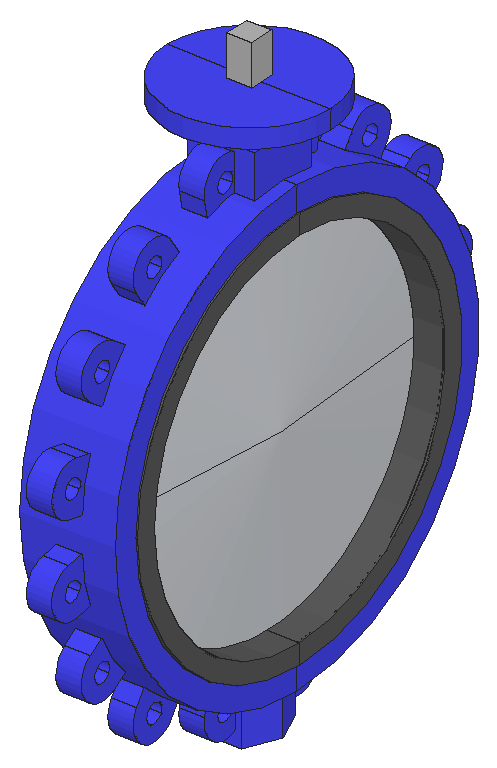
Revit family "931-20-001 DN400", category Pipe Accessories, Revit 2022
Family settings
  Round Connector Dimension = Use Diameter
  Part Type = Valve - Breaks Into
  Work Plane-Based = No
  Always vertical = Yes
  Cut with Voids When Loaded = No
  Shared = No
Parameters (values of type "DN400_PN10")
  wafer_fillet = wafer / 2  # 56.25 mm
  wafer_dim2 = size_lookup(Search_table, "wafer_dim2", 0 mm, DN)  # 112.5 mm
  wafer_dim1 = size_lookup(Search_table, "wafer_dim1", 0 mm, DN)  # 24.5 mm
  wafer_F = size_lookup(Search_table, "wafer_F", 0 mm, DN)  # 40 mm
  wafer = Actuator_Flange_R * 1.5  # 112.5 mm
  support = size_lookup(Search_table, "support", 0 mm, DN)  # 292 mm
  rubber = (D - Bore_R) / 2  # 21 mm
  hole1 = G / 2  # 13.5 mm
  disk22 = disk * 1.3  # 19.5 mm
  disk2 = size_lookup(Search_table, "disk2", 0 mm, DN)  # 390 mm
  disk11 = disk1 * 1.3  # 35.1 mm
  disk1 = size_lookup(Search_table, "disk1", 0 mm, DN)  # 27 mm
  disk = size_lookup(Search_table, "disk", 0 mm, DN)  # 15 mm
  base_dis = D * 1.18  # 285.56 mm
  base1 = C / 5  # 20.4 mm
  base = C * 0.7 / 2  # 35.7 mm
  URL_product_pages = "https://www.avkvalves.com/P.aspx?no=93108020020040200000"
  Slot_dim = size_lookup(Search_table, "Slot_dim", 0 mm, DN) / 2  # 27.5 mm
  Search_table = "931-20-001 DN400"
  PCD_R = size_lookup(Search_table, "PCD_R", 0 mm, DN)  # 257.5 mm
  Hole1 = size_lookup(Search_table, "Hole1", 0 mm, DN)  # 21 mm
  Hole = G * 1.1  # 29.7 mm
  H = size_lookup(Search_table, "H", 0 mm, DN) / 2  # 87.5 mm
  G = size_lookup(Search_table, "G", 0 mm, DN)  # 27 mm
  Flange_T = size_lookup(Search_table, "Flange_T", 0 mm, DN)  # 24.5 mm
  Flange_R = size_lookup(Search_table, "Flange_R", 0 mm, DN)  # 228 mm
  F = size_lookup(Search_table, "F", 0 mm, DN)  # 43 mm
  E = size_lookup(Search_table, "E", 0 mm, DN)  # 328 mm
  Description_ = "AVK BUTTERFLY VALVE, LUG, PN10/16"
  Default Elevation = 0 mm
  DN400_PN16 = "931-400-20-020020200000"
  DN400_PN10 = "931-400-20-010020200000"
  DN = 400 mm
  DISK = 0 mm
  D = size_lookup(Search_table, "D", 0 mm, DN) / 2  # 242 mm
  C = size_lookup(Search_table, "C", 0 mm, DN)  # 102 mm
  Bore_R = size_lookup(Search_table, "Bore_R", 0 mm, DN)  # 200 mm
  Body_thickness = B1 * 1.05  # 205.8 mm
  Body_dim1 = C * 0.7  # 71.4 mm
  Body_dim = Actuator_Flange_R * 0.5  # 37.5 mm
  Body_Thickness = size_lookup(Search_table, "Body_Thickness", 0 mm, DN)  # 2 mm
  B1 = B + 1 mm  # 196 mm
  B = size_lookup(Search_table, "B", 0 mm, DN) / 2  # 195 mm
  Actuator_Flange_R = size_lookup(Search_table, "Actuator_Flange_R", 0 mm, DN) / 2  # 75 mm
  Actuator_FL_T = size_lookup(Search_table, "Actuator_FL_T", 0 mm, DN)  # 20 mm
  2 = 3 mm  # constant formula
  1 = 1 mm  # constant formula
Types (3, lengths in mm): name | wafer_dim1 | disk22 | disk | PCD_R | Flange_T | Flange_R | DN
  (no name) | 24.5 | 19.5 | 15 | 257.5 | 24.5 | 228 | 400
  DN400_PN10 | 24.5 | 19.5 | 15 | 257.5 | 24.5 | 228 | 400
  DN400_PN16 | 28 | 20.8 | 16 | 262.5 | 28 | 230 | 400.1
Reference planes
  plane 1 "Center (Front/Back)": y = 0
  plane 2: z = 0
  plane 3 "Center (Left/Right)": x = 0
  plane 4: z = 227.5
  plane 5: x = -51
  plane 6: x = 51
  plane 7: z = 195
  plane 8: z = 328
  plane 9: z = 371
  plane 10: x = -13.5
  plane 11: x = 13.5
  plane 12: z = -97.5
  plane 13: z = 97.5
  plane 14: y = 13.5
  plane 15: y = -13.5
  plane 16: y = 13.5
  plane 17: y = -13.5
  plane 18: x = -35.7
  plane 19: x = 35.7
  plane 20: y = 37.5
  plane 21: y = -37.5
  plane 22: z = 308
  plane 23: z = 242
  plane 24: z = 197
  plane 25: z = 308
  plane 26: x = -54
  plane 27: x = 54
  plane 28: x = -87.5
  plane 29: x = 87.5
  plane 30: z = 195
  plane 31: z = -195
  plane 32: z = -195
  plane 33: z = 195
  plane 34: x = -13.5
  plane 35: x = 13.5
  plane 36: y = 35.7
  plane 37: y = -35.7
  plane 38: x = -12.469
  plane 39: x = 12.469
  plane 40: z = 242
  plane 41: z = -242
  plane 42: through (0, 0, 0) normal (0, 0.1908, 0.9816)
  plane 43: through (0, 0, 0) normal (0, -0.1908, 0.9816)
  plane 44: through (0, 0, 0) normal (0, 0.9816, 0.1908)
  plane 45: through (0, 0, 0) normal (0, 0.9816, -0.1908)
  plane 46: through (0, 0, 0) normal (0, 0.5592, 0.829)
  plane 47: through (0, 0, 0) normal (0, 0.829, 0.5592)
  plane 48: through (0, 0, 0) normal (0, 0.829, -0.5592)
  plane 49: through (0, 0, 0) normal (0, 0.5592, -0.829)
Forms (mm)
  Revolve 1, solid, material "Default Roof"
    sketch origin (0, 0, 0) x (1, 0, 0) y (0, 0, 1)
      loop
        line (-51, 196) -> (51, 196) -> (51, 242) -> (-51, 242) -> (-51, 196)
      axis (-51, 0) -> (51, 0)
    angle from 0 to 360
  Revolve 2, solid, material "Default Roof"
    sketch origin (0, 0, 0) x (1, 0, 0) y (0, 0, 1)
      loop
        line (0, 328) -> (0, 308) -> (87.5, 308) -> (87.5, 328) -> (0, 328)
      axis (0, 328) -> (0, 308)
    angle from 0 to 360
  Extrusion 3, solid, material "Default Wall"
    sketch origin (0, 0, 0) x (1, 0, 0) y (0, 0, 1)
      loop
        line (-13.5, 371) -> (-13.5, 328) -> (13.5, 328) -> (13.5, 371) -> (-13.5, 371)
    from -13.5 to 13.5
  Extrusion 4, solid, material "Default Roof"
    sketch origin (0, 0, 0) x (1, 0, 0) y (0, 0, 1)
      loop
        line (-35.7, 308) -> (-35.7, 195) -> (35.7, 195) -> (35.7, 308) -> (-35.7, 308)
    from -37.5 to 37.5
  Extrusion 5, void
    sketch origin (0, 0, 0) x (0, 1, 0) y (0, 0, 1)
      loop
        line (37.5, 308) -> (13, 308) -> (13, 283.5) -> (37.5, 283.5) -> (37.5, 308)
      loop
        line (-13, 308) -> (-37.5, 308) -> (-37.5, 283.5) -> (-13, 283.5) -> (-13, 308)
    from 24 to 51
  Extrusion 6, void
    sketch origin (0, 0, 0) x (0, 1, 0) y (0, 0, 1)
      loop
        line (13, 283.5) -> (37.5, 283.5) -> (37.5, 308) -> (13, 308) -> (13, 283.5)
      loop
        line (-13, 308) -> (-37.5, 308) -> (-37.5, 283.5) -> (-13, 283.5) -> (-13, 308)
    from -51 to -24
  Revolve 7, solid, material "Default"
    sketch origin (0, 0, 0) x (1, 0, 0) y (0, 0, 1)
      loop
        line (-54, 216) -> (-54, 195) -> (54, 195) -> (54, 216) -> (51, 216) -> (51, 196) -> (-51, 196) -> (-51, 216) -> (-54, 216)
      axis (-54, 0) -> (54, 0)
    angle from 0 to 360
  Extrusion 8, solid, material "Default Roof"
    sketch origin (0, 0, 0) x (1, 0, 0) y (0, 1, 0)
      loop
        line (-35.7, 0) -> (-20.4, -35.7) -> (20.4, -35.7) -> (35.7, 0) -> (20.4, 35.7) -> (-20.4, 35.7) -> (-35.7, 0)
    from -292 to -198
  Revolve 9, solid
    sketch origin (0, 0, 0) x (1, 0, 0) y (0, 1, 0)
      loop
        line (-35.1, 0) -> (35.1, 0)
        arc (35.1, 0) -> (31.282, 97.819) -> (19.5, 195) r 1199.351
        line (19.5, 195) -> (-19.5, 195)
        arc (-19.5, 195) -> (-31.282, 97.819) -> (-35.1, 0) r 1199.351
      axis (-35.1, 0) -> (35.1, 0)
    angle from 0 to 360
  Extrusion 10, solid, material "Default Roof"
    sketch origin (0, 0, 0) x (0, -0.92388, 0.382683) y (0, -0.382683, -0.92388)
      loop
        line (137.936, 0) -> (257.813, 24.389)
        arc (257.813, 24.389) -> (279.279, 56.82) -> (246.848, 78.285) r 27.5
        line (246.848, 78.285) -> (133.152, 55.154) -> (229.904, 119.192)
        arc (229.904, 119.192) -> (237.657, 157.302) -> (199.547, 165.056) r 27.5
        line (199.547, 165.056) -> (97.535, 97.535) -> (165.056, 199.547)
        arc (165.056, 199.547) -> (157.302, 237.657) -> (119.192, 229.904) r 27.5
        line (119.192, 229.904) -> (55.154, 133.152) -> (78.285, 246.848)
        arc (78.285, 246.848) -> (56.82, 279.279) -> (24.389, 257.813) r 27.5
        line (24.389, 257.813) -> (0, 137.936) -> (-24.389, 257.813)
        arc (-24.389, 257.813) -> (-56.82, 279.279) -> (-78.285, 246.848) r 27.5
        line (-78.285, 246.848) -> (-55.154, 133.152) -> (-119.192, 229.904)
        arc (-119.192, 229.904) -> (-157.302, 237.657) -> (-165.056, 199.547) r 27.5
        line (-165.056, 199.547) -> (-97.535, 97.535) -> (-199.547, 165.056)
        arc (-199.547, 165.056) -> (-237.657, 157.302) -> (-229.904, 119.192) r 27.5
        line (-229.904, 119.192) -> (-133.152, 55.154) -> (-246.848, 78.285)
        arc (-246.848, 78.285) -> (-279.279, 56.82) -> (-257.813, 24.389) r 27.5
        line (-257.813, 24.389) -> (-137.936, 0) -> (-257.813, -24.389)
        arc (-257.813, -24.389) -> (-279.279, -56.82) -> (-246.848, -78.285) r 27.5
        line (-246.848, -78.285) -> (-133.152, -55.154) -> (-229.904, -119.192)
        arc (-229.904, -119.192) -> (-237.657, -157.302) -> (-199.547, -165.056) r 27.5
        line (-199.547, -165.056) -> (-97.535, -97.535) -> (-165.056, -199.547)
        arc (-165.056, -199.547) -> (-157.302, -237.657) -> (-119.192, -229.904) r 27.5
        line (-119.192, -229.904) -> (-55.154, -133.152) -> (-78.285, -246.848)
        arc (-78.285, -246.848) -> (-56.82, -279.279) -> (-24.389, -257.813) r 27.5
        line (-24.389, -257.813) -> (0, -137.936) -> (24.389, -257.813)
        arc (24.389, -257.813) -> (56.82, -279.279) -> (78.285, -246.848) r 27.5
        line (78.285, -246.848) -> (55.154, -133.152) -> (119.192, -229.904)
        arc (119.192, -229.904) -> (157.302, -237.657) -> (165.056, -199.547) r 27.5
        line (165.056, -199.547) -> (97.535, -97.535) -> (199.547, -165.056)
        arc (199.547, -165.056) -> (237.657, -157.302) -> (229.904, -119.192) r 27.5
        line (229.904, -119.192) -> (133.152, -55.154) -> (246.848, -78.285)
        arc (246.848, -78.285) -> (279.279, -56.82) -> (257.813, -24.389) r 27.5
        line (257.813, -24.389) -> (137.936, 0)
      loop
        circle (-252.331, -51.337) r 10.5
      loop
        circle (-252.331, 51.337) r 10.5
      loop
        circle (-214.726, 142.124) r 10.5
      loop
        circle (-142.124, 214.726) r 10.5
      loop
        circle (-51.337, 252.331) r 10.5
      loop
        circle (51.337, 252.331) r 10.5
      loop
        circle (142.124, 214.726) r 10.5
      loop
        circle (214.726, 142.124) r 10.5
      loop
        circle (-214.726, -142.124) r 10.5
      loop
        circle (-142.124, -214.726) r 10.5
      loop
        circle (-51.337, -252.331) r 10.5
      loop
        circle (51.337, -252.331) r 10.5
      loop
        circle (142.124, -214.726) r 10.5
      loop
        circle (214.726, -142.124) r 10.5
      loop
        circle (252.331, -51.337) r 10.5
      loop
        circle (252.331, 51.337) r 10.5
    from -13.5 to 13.5
Cuts and joins
  Extrusion 5, Extrusion 6 cuts Revolve 2
  Extrusion 5, Extrusion 6 cuts Extrusion 4
Dimensions and locks
  "B": plane 7 to level
  equal spacing: plane 6, plane 3 "Center (Left/Right)", plane 5
  "C": plane 6 to plane 5
  "E": plane 8 to level
  equal spacing: plane 11, plane 3 "Center (Left/Right)", plane 10
  "G": plane 11 to plane 10
  "F": plane 9 to plane 8
  equal spacing: plane 13, level, plane 12
  "B": plane 13 to plane 12
  "H": Revolve 2 sketch curve to plane 3 "Center (Left/Right)"
  "Actuator_FL_T": plane 8 to Revolve 2 sketch curve
  equal spacing: Extrusion 3 sketch curve, plane 3 "Center (Left/Right)", Extrusion 3 sketch curve
  equal spacing: plane 14, plane 1 "Center (Front/Back)", plane 15
  "G": plane 14 to plane 15
  equal spacing: plane 16, plane 1 "Center (Front/Back)", plane 17
  "G": plane 16 to plane 17
  equal spacing: Extrusion 4 sketch curve, plane 3 "Center (Left/Right)", Extrusion 4 sketch curve
  "Actuator_FL_T": plane 8 to Extrusion 4 sketch curve
  equal spacing: plane 19, plane 3 "Center (Left/Right)", plane 18
  "Body_dim1": plane 19 to plane 18
  equal spacing: plane 20, plane 1 "Center (Front/Back)", plane 21
  "Body_dim": plane 20 to plane 1 "Center (Front/Back)"
  "Actuator_FL_T": plane 8 to Extrusion 5 sketch curve
  "Flange_T": plane 20 to Extrusion 5 sketch curve
  "Actuator_FL_T": plane 8 to plane 22
  "Flange_T": plane 22 to Extrusion 5 sketch curve
  equal spacing: Extrusion 5 sketch curve, plane 1 "Center (Front/Back)", Extrusion 5 sketch curve
  "G": plane 6 to cut or joined group of Extrusion 4, Extrusion 5, Extrusion 6
  "G": cut or joined group of Extrusion 4, Extrusion 5, Extrusion 6 to plane 5
  equal spacing: Revolve 7 sketch curve, plane 3 "Center (Left/Right)", Revolve 7 sketch curve  (x2)
  "2": plane 5 to Revolve 7 sketch curve
  "B1": Revolve 1 sketch curve to level
  "D": plane 23 to level
  "rubber": Revolve 7 sketch curve to plane 7
  "Body_Thickness": plane 24 to plane 7
  "Actuator_FL_T": plane 8 to plane 25
  "Flange_T": plane 25 to cut or joined group of Extrusion 4, Extrusion 5, Extrusion 6
  equal spacing: cut or joined group of Extrusion 4, Extrusion 5, Extrusion 6, plane 1 "Center (Front/Back)", cut or joined group of Extrusion 4, Extrusion 5, Extrusion 6
  "Flange_T": plane 20 to cut or joined group of Extrusion 4, Extrusion 5, Extrusion 6
  equal spacing: plane 27, plane 3 "Center (Left/Right)", plane 26
  "2": plane 5 to plane 26
  plane 27 to plane 26 = 108 mm
  equal spacing: plane 29, plane 3 "Center (Left/Right)", plane 28
  "H": plane 29 to plane 3 "Center (Left/Right)"
  equal spacing: plane 31, level, plane 30
  "disk2": plane 31 to plane 30
  "1": plane 30 to Revolve 7 sketch curve
  plane 6 to plane 5 = 102 mm  (x2)
  plane 28 to plane 29 = 175 mm
  equal spacing: plane 33, level, plane 32
  "disk2": plane 7 to plane 32
  equal spacing: plane 34, plane 3 "Center (Left/Right)", plane 35
  "G": plane 35 to plane 34
  equal spacing: plane 37, plane 1 "Center (Front/Back)", plane 36
  equal spacing: plane 38, plane 3 "Center (Left/Right)", plane 39
  equal spacing: Extrusion 8 sketch curve, plane 3 "Center (Left/Right)", Extrusion 8 sketch curve  (x3)
  "base": plane 1 "Center (Front/Back)" to plane 36
  "base": Extrusion 8 sketch curve to plane 3 "Center (Left/Right)"
  "base1": Extrusion 8 sketch curve to plane 3 "Center (Left/Right)"  (x2)
  "support": level to Extrusion 8
  "2": plane 32 to Extrusion 8
  equal spacing: plane 40, level, plane 41
  plane 40 to plane 41 = 484 mm
  "D": plane 40 to level
  plane 29 to plane 28 = 175 mm
  equal spacing: Revolve 9 sketch curve, plane 3 "Center (Left/Right)", Revolve 9 sketch curve  (x2)
  "disk11": Revolve 9 sketch curve to plane 3 "Center (Left/Right)"
  "disk22": Revolve 9 sketch curve to plane 3 "Center (Left/Right)"
  "B": plane 1 "Center (Front/Back)" to Revolve 9 sketch curve
  equal spacing: Extrusion 10 sketch curve, plane 42, Extrusion 10 sketch curve  (x3)
  "Slot_dim": Extrusion 10 sketch curve to plane 42  (x2)
  "Slot_dim": plane 43 to Extrusion 10 sketch curve  (x2)
  equal spacing: Extrusion 10 sketch curve, plane 43, Extrusion 10 sketch curve  (x3)
  "Slot_dim": Extrusion 10 sketch curve to plane 44
  equal spacing: Extrusion 10 sketch curve, plane 44, Extrusion 10 sketch curve  (x3)
  "Slot_dim": Extrusion 10 sketch curve to plane 45  (x2)
  equal spacing: Extrusion 10 sketch curve, plane 45, Extrusion 10 sketch curve  (x3)
  "Slot_dim": Extrusion 10 sketch curve to plane 46  (x2)
  equal spacing: Extrusion 10 sketch curve, plane 46, Extrusion 10 sketch curve  (x3)
  equal spacing: Extrusion 10 sketch curve, plane 47, Extrusion 10 sketch curve  (x3)
  "Slot_dim": plane 47 to Extrusion 10 sketch curve
  "Slot_dim": Extrusion 10 sketch curve to plane 48  (x2)
  equal spacing: Extrusion 10 sketch curve, plane 48, Extrusion 10 sketch curve  (x3)
  equal spacing: Extrusion 10 sketch curve, plane 49, Extrusion 10 sketch curve  (x3)
  "Slot_dim": Extrusion 10 sketch curve to plane 49  (x2)
  "PCD_R": Extrusion 10 sketch curve to plane 47
  "PCD_R": Extrusion 10 sketch curve to plane 46
  "PCD_R": Extrusion 10 sketch curve to plane 42
  "PCD_R": plane 43 to Extrusion 10 sketch curve
  "PCD_R": Extrusion 10 sketch curve to plane 49
  "PCD_R": Extrusion 10 sketch curve to plane 48
  "PCD_R": Extrusion 10 sketch curve to plane 45
  "PCD_R": plane 44 to Extrusion 10 sketch curve
  "PCD_R": Extrusion 10 sketch curve to plane 43
  "PCD_R": plane 42 to Extrusion 10 sketch curve
  "PCD_R": plane 48 to Extrusion 10 sketch curve
  "PCD_R": plane 45 to Extrusion 10 sketch curve
  "PCD_R": Extrusion 10 sketch curve to plane 44
  "Slot_dim": Extrusion 10 sketch curve to plane 47
  "PCD_R": plane 49 to Extrusion 10 sketch curve
  "PCD_R": plane 47 to Extrusion 10 sketch curve
  "PCD_R": plane 46 to Extrusion 10 sketch curve
  "Slot_dim": plane 44 to Extrusion 10 sketch curve
  equal spacing: Extrusion 10 sketch curve, level, Extrusion 10 sketch curve
  "Hole1": diameter of Extrusion 10 sketch curve  (x16)
  angle level to plane 42 = 11.00°
  angle plane 43 to level = 11.00°
  angle plane 44 to plane 1 "Center (Front/Back)" = 11.00°
  angle plane 1 "Center (Front/Back)" to plane 45 = 11.00°
  angle level to plane 46 = 34.00°
  angle level to plane 47 = 56.00°
  angle plane 1 "Center (Front/Back)" to plane 48 = 34.00°
  angle plane 49 to level = 34.00°
  aligned and locked: level to plane 2
  aligned and locked: plane 5 to Revolve 1 sketch curve
  aligned and locked: plane 6 to Revolve 1 sketch curve
  aligned and locked: Revolve 1 sketch curve to level
  aligned and locked: plane 3 "Center (Left/Right)" to Revolve 2 sketch curve
  aligned and locked: Revolve 2 sketch curve to plane 8
  aligned and locked: Revolve 2 sketch curve to plane 3 "Center (Left/Right)"
  aligned and locked: plane 10 to Extrusion 3 sketch curve
  aligned and locked: plane 8 to Extrusion 3 sketch curve
  aligned and locked: Extrusion 3 sketch curve to plane 9
  aligned and locked: Extrusion 3 to plane 16
  aligned and locked: Extrusion 3 to plane 17
  aligned and locked: Extrusion 4 sketch curve to plane 18
  aligned and locked: plane 7 to Extrusion 4 sketch curve
  aligned and locked: Extrusion 4 to plane 20
  aligned and locked: Extrusion 4 to plane 21
  aligned and locked: Extrusion 5 sketch curve to plane 22
  aligned and locked: plane 21 to Extrusion 5 sketch curve
  aligned and locked: Extrusion 5 sketch curve to Extrusion 5 sketch curve
  aligned and locked: plane 6 to Extrusion 5
  aligned and locked: cut or joined group of Revolve 2, Extrusion 5, Extrusion 6 to Extrusion 6 sketch curve  (x2)
  aligned and locked: Extrusion 6 to plane 5
  aligned and locked: Revolve 7 sketch curve to Revolve 7 sketch curve
  aligned and locked: Revolve 7 sketch curve to level
  aligned and locked: Revolve 7 sketch curve to plane 5
  aligned and locked: Extrusion 6 to plane 20
  aligned and locked: Extrusion 6 to plane 21
  aligned and locked: Extrusion 5 to plane 20
  aligned and locked: cut or joined group of Extrusion 4, Extrusion 5, Extrusion 6 to cut or joined group of Extrusion 4, Extrusion 5, Extrusion 6
  aligned and locked: Revolve 7 sketch curve to plane 7
  aligned and locked: plane 36 to Extrusion 8 sketch curve
  aligned and locked: Extrusion 8 sketch curve to plane 37
  aligned and locked: plane 1 "Center (Front/Back)" to Revolve 9 sketch curve
  aligned and locked: Extrusion 10 to plane 10
  aligned and locked: Extrusion 10 to plane 11
  aligned and locked: plane 1 "Center (Front/Back)" to nested 1
Automatic sketch dimensions
  Extrusion 6 sketch curve to plane 21 = 0 mm
  Extrusion 6 sketch curve to plane 20 = 0 mm
  plane 17 to Extrusion 6 sketch curve = 0.5 mm
  plane 16 to Extrusion 6 sketch curve = 0.5 mm
  Extrusion 6 sketch curve to Extrusion 6 sketch curve = 24.5 mm  (x2)
  Revolve 1 sketch curve to plane 23 = 0 mm
  plane 10 to Revolve 1 sketch curve = 0.688 mm
  Revolve 1 sketch curve to plane 6 = 7.188 mm
  Revolve 2 sketch curve to plane 25 = 2.849 mm
  Revolve 2 sketch curve to Revolve 2 sketch curve = 2 mm
  Extrusion 5 sketch curve to plane 20 = 0 mm
  plane 5 to Revolve 7 sketch curve = 1.194 mm
  Revolve 7 sketch curve to plane 29 = 28.711 mm
  plane 1 "Center (Front/Back)" to Extrusion 8 sketch curve = 0 mm  (x2)
  plane 1 "Center (Front/Back)" to Revolve 9 sketch curve = 0 mm
  Revolve 9 sketch curve to plane 1 "Center (Front/Back)" = 2.176 mm  (x2)
  Revolve 9 sketch curve to plane 28 = 8.672 mm
  Revolve 9 sketch curve to plane 6 = 1.366 mm
  Extrusion 10 sketch curve to Extrusion 10 sketch curve = 0 mm  (x32)
  plane 46 to Extrusion 10 sketch curve = 0 mm
  plane 49 to Extrusion 10 sketch curve = 0 mm
  plane 48 to Extrusion 10 sketch curve = 0 mm
Nested families
  nested 1: "logo medium-1" at (-35.7, 0, 255.927) x (0, -1, 0) z (-1, 0, 0), type "logo medium-1"
Connectors
  piping at (-54, 0, 0), diameter 400, driven by "DN"
    settings: on Revolve 7, index 1, connector inside diameter 609.6 mm, connector length 0 mm, flow factor 0, pipe flow 0.0 L/s, pressure drop 0.0 Pa, fitting loss kfactor 0, connector angle 0.00°, fixture units 0, engagement length 0 mm, angle of deflection 0.00°, flow configuration 0, flow direction 0, fitting loss method 0, system type 7, joint type 0, gender type 0, connector reference index -1, connector utility 0, adjustable connector no, is connector primary yes, connector description ""
  piping at (54, 0, 0), diameter 400, driven by "DN"
    settings: on Revolve 7, index 2, connector inside diameter 609.6 mm, connector length 0 mm, flow factor 0, pipe flow 0.0 L/s, pressure drop 0.0 Pa, fitting loss kfactor 0, connector angle 0.00°, fixture units 0, engagement length 0 mm, angle of deflection 0.00°, flow configuration 0, flow direction 0, fitting loss method 0, system type 7, joint type 0, gender type 0, connector reference index -1, connector utility 0, adjustable connector no, is connector primary no, connector description ""
Definition of nested family "logo medium-1"
  Parameters
    Default Elevation = 1219.2 mm
  Reference planes
    plane 1 "Center (Front/Back)": y = 0
    plane 2: z = 0
    plane 3 "Center (Left/Right)": x = 0
  Forms (mm)
    Extrusion 1, solid
      sketch origin (0, 0, 0) x (1, 0, 0) y (0, 1, 0)
        loop
          line (-1219.2, 1219.2) -> (-1219.2, -1219.2) -> (1219.2, -1219.2) -> (1219.2, 1219.2) -> (-1219.2, 1219.2)
      from 0 to -188.781
    Extrusion 2, solid
      sketch origin (0, 0, 0) x (1, 0, 0) y (0, 1, 0)
        loop
          line (-30.911, 14.607) -> (-12.952, 14.607) -> (-3.438, -8.594) -> (3.26, -8.594) -> (12.676, 14.607) -> (30.732, 14.607) -> (30.732, 20.529) -> (7.968, 20.529) -> (0, 0) -> (-8.195, 20.529) -> (-30.911, 20.529) -> (-30.911, 14.607)
        loop
          line (30.732, 6.453) -> (30.732, 12.569) -> (24.908, 12.569)
          arc (24.908, 12.569) -> (22.993, 7.075) -> (17.724, 4.608) r 7.492
          line (17.724, 4.608) -> (20.928, 12.569) -> (14.521, 12.569) -> (5.881, -8.594) -> (12.434, -8.594) -> (15.777, -0.405) -> (21.354, -8.594) -> (29.424, -8.594) -> (22.319, 0.649)
          arc (22.319, 0.649) -> (26.344, 2.972) -> (29.424, 6.453) r 14.456
          line (29.424, 6.453) -> (30.732, 6.453)
        loop
          line (-5.865, -8.594) -> (-14.796, 12.569) -> (-30.911, 12.569) -> (-30.911, 6.453) -> (-25.086, 6.453) -> (-30.911, -8.594) -> (-25.086, -8.594) -> (-23.728, -5.084) -> (-13.656, -5.084) -> (-12.175, -8.594) -> (-5.865, -8.594)
        loop
          line (-18.776, 7.618) -> (-21.494, 0) -> (-15.961, 0) -> (-18.776, 7.618)
      from 0 to 2
  Dimensions and locks
    aligned and locked: plane 2 to Extrusion 1
    aligned and locked: level to Extrusion 1
    aligned and locked: Extrusion 2 sketch curve to import instance  (x36)
